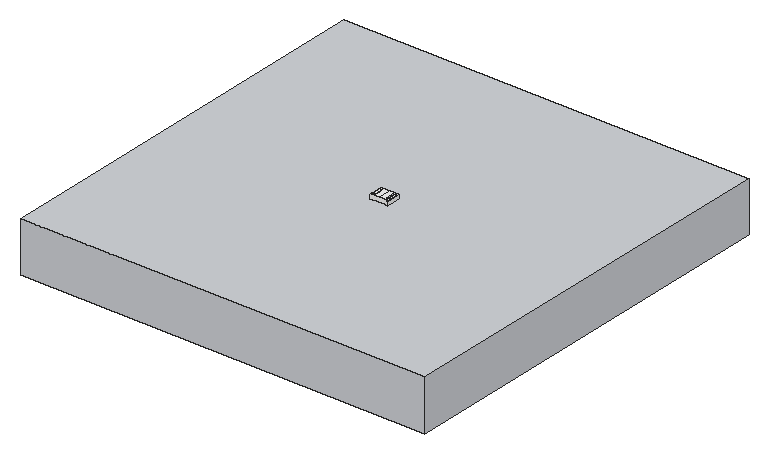
Revit family "Módulo aislador de línea_Aguilera Electronica", category Dispositivos de alarma de incendios, Revit 2017
Family settings
  Anfitrión = Cara
  Mantener orientación de anotación = Sí
  Cota de conector redondo = Diámetro de uso
  Tipo de pieza = Normal
  Número OmniClass = 23.85.30.21
  Título OmniClass = Environmental Detection/Registration
  Corte con vacíos al cargar = No
  Compartido = No
  Punto de cálculo de habitación = No
Parameters (values of type "Módulo aislador de línea")
  URL = "http://aguilera.es/?productos=modulo-aislador-de-linea"
  Símbolo texto modelo = yes
  Símbolo = yes
  Modelo = "AE/SA-AB"
  Fabricante = "Aguilera Electrónica"  # constant formula
  Elevación por defecto = 1200 mm
  Diámetro tubo = 20 mm
  Descripción = "Unidad fabricada por AGUILERA ELECTRÓNICA según norma EN 54-17:2004 Unidad microprocesada que se intercala en un bucle del sistema algorítmico, cada 23 equipos máximo, determinado por normativa EN 54-14, creando sectores. Su función es la de controlar la corriente que circula por el bucle y si esta se incrementa, sobrepasando los parámetros que tiene programados, abre la línea, aislando el resto del bucle para que este siga funcionando.\r\nCuando la anomalía desaparece se repone automáticamente restableciendo el normal funcionamiento.\r\n• Control de corriente bidireccional.\r\n• Montado en caja de ABS de 105 x 82 x 25mm."
  Type Comments = ""
Reference planes
  plane 1 "Centro (Frontal/Posterior)": y = 0
  plane 2: z = 0
  plane 3 "Centro (Izquierda/Derecha)": x = 0
Forms (mm)
  Extrusion 1, solid
    sketch origin (0, 0, 0) x (1, 0, 0) y (0, 1, 0)
      loop
        line (-1219.2, 1219.2) -> (-1219.2, -1219.2) -> (1219.2, -1219.2) -> (1219.2, 1219.2) -> (-1219.2, 1219.2)
    from 0 to -304.8
  Extrusion 2, solid, material "ABS blanco"
    sketch origin (247.5, 0, 0) x (1, 0, 0) y (0, 0, 1)
      loop
        line (-300, 0) -> (-285, 0)
        arc (-285, 0) -> (-282.824, 1.248) -> (-280.468, 2.113) r 14.863
        line (-280.468, 2.113) -> (-247.5, 2.113) -> (-214.532, 2.113)
        arc (-214.532, 2.113) -> (-212.176, 1.248) -> (-210, 0) r 14.863
        line (-210, 0) -> (-195, 0) -> (-195, 18.612)
        arc (-195, 18.612) -> (-196.871, 23.129) -> (-201.388, 25) r 6.388
        line (-201.388, 25) -> (-247.5, 25) -> (-293.612, 25)
        arc (-293.612, 25) -> (-298.129, 23.129) -> (-300, 18.612) r 6.388
        line (-300, 18.612) -> (-300, 0)
    from -41 to 41
  Extrusion 3, void
    sketch origin (0, 0, 0) x (1, 0, 0) y (0, 1, 0)
      loop
        line (-52.5, 24.796) -> (-52.5, 23.627) -> (-34.278, 23.627) -> (-34.278, -23.627) -> (-52.5, -23.627) -> (-52.5, -24.796) -> (-32.968, -24.796) -> (-32.968, 24.796) -> (-52.5, 24.796)
      loop
        line (52.5, 24.796) -> (32.968, 24.796) -> (32.968, -24.796) -> (52.5, -24.796) -> (52.5, -23.627) -> (34.278, -23.627) -> (34.278, 23.627) -> (52.5, 23.627) -> (52.5, 24.796)
    from 21.624 to 25
  Extrusion 4, void
    sketch origin (0, 0, 0) x (1, 0, 0) y (0, 1, 0)
      loop
        line (49.644, -23.627) -> (52.5, -23.627) -> (52.5, 23.625) -> (49.644, 23.625) -> (49.644, -23.627)
      loop
        line (-49.644, -23.627) -> (-49.644, 23.625) -> (-52.5, 23.625) -> (-52.5, -23.627) -> (-49.644, -23.627)
    from 16.621 to 21.624
Cuts and joins
  Extrusion 3, Extrusion 4 cuts Extrusion 2
Dimensions and locks
  aligned and locked: plane 2 to Extrusion 1
  aligned and locked: level to Extrusion 1
  aligned and locked: Extrusion 2 to Extrusion 3
  aligned and locked: Extrusion 4 to Extrusion 3
Nested families
  nested 1: "S_Módulo aislador de línea_Aguilera Electronica" at (0, 0, 0), visible <- "Símbolo", type "S_Módulo aislador de línea_Aguilera Electronica"
Connectors
  cabletrayconduit at (-16.484, 0, 2.113), diameter 20, driven by "Diámetro tubo", driven by "Modelo"
    settings: on cut or joined group of Extrusion 2, Extrusion 3, Extrusion 4, index 1, connector width 300 mm, connector height 300 mm, connector angle 0.00°, system type 32, placement type 0, profile type 0, connector reference index -1, is primary connector yes, connector utility param no, connector description "AE/SA-AB"
Definition of nested family "S_Módulo aislador de línea_Aguilera Electronica"
  Parameters (values of type "S_Módulo aislador de línea_Aguilera Electronica")
    Texto símbolo = "Módulo aislador"
    Texto modelo = yes
    Modelo = "Módulo aislador"
  Reference planes
    plane 1: y = 0
    plane 2: x = 0
  Lines and regions (mm)
    detail lines
      curve 1: line (-6.104, -2.749, 0) -> (6.104, -2.749, 0)
      curve 2: line (-6.104, 2.749, 0) -> (-6.104, -2.749, 0)
      curve 3: line (6.104, 2.749, 0) -> (-6.104, 2.749, 0)
      curve 4: line (6.104, -2.749, 0) -> (6.104, 2.749, 0)
  Text (mm)
    label "Texto símbolo" at (-0.164, 1.109, 0), shows "Texto símbolo"
    label "Modelo" at (-0.164, -1.385, 0), shows "Modelo", visible <- "Texto modelo"
